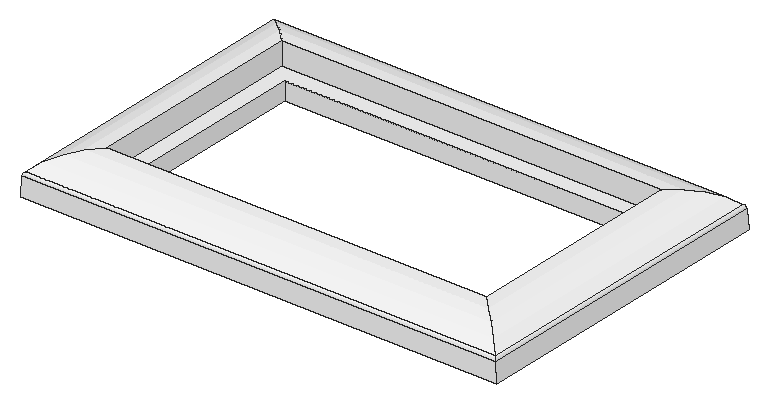
Revit family "Gira_100103", category Electrical Fixtures, host Face, Revit 2017
Family settings
  Host = Face
  Maintain Annotation Orientation = No
  Round Connector Dimension = Use Diameter
  Part Type = Normal
  Cut with Voids When Loaded = No
  Shared = No
  Room Calculation Point = No
Parameters (values of type "Cov.fr. 1.5-g Standard 55 p.white")
  URL = "http://katalog.gira.de/en/datenblatt.html?artikelnr=100103"
  Transparent = "No"
  Name = "Cov.fr. 1.5-g Standard 55 p.white"
  Manufacturer URL = "https://www.gira.de/"
  Manufacturer = "Gira"
  Label space/information surface = "No"
  Keynote = ""
  HeinzeBIM = "https://bimportal.heinze.de/bim/cov-fr-1-5-g-standard-55-p-white/079a29f95bceb96c85ab81afbf6625ff480c6258"
  HAN = "100103"
  GTIN = "4010337881308"
  Description = "Cov.fr.1.5g Std55 PW,Gira Standard 55 cover frame,pure white glossy,1.5-gang,Features:,- Shatter-proof.,,Notes :,- Also suitable for duct installation.,- In connection with the seal kit, frame (1-gang to 5-gang) is also suitable for installation as water-protected flush-mounted IP44."
  Default Elevation = 1219.2 mm
  Data sheet (1) = "https://katalog.gira.de/en/download.html?artikelnr=100103"
  Category = "Cover frame for domestic switching devices"
  BIM (1) = "https://media.stage.bim.site/public/gira/36a6b08/Std55_Rahmen_1,5fach.rfa"
  Available = "No"
Reference planes
  plane 1 "Center (Front/Back)": y = 0
  plane 2: z = 0
  plane 3 "Center (Left/Right)": x = 0
  plane 4: x = -60.5
  plane 5: x = 60.5
  plane 6: y = -40
  plane 7: y = 40
Forms (mm)
  Sweep 1, solid, material "White", detail levels fine
    path origin (0, 0, 0) x (1, 0, 0) y (0, 1, 0)
      loop
        line (60.5, 40) -> (-60.5, 40) -> (-60.5, -40) -> (60.5, -40) -> (60.5, 40)
    profile origin (0, 40, 0) x (0, -1, 0) y (0, 0, 1)
      loop
        arc (12.278, 10.074) -> (6.073, 9.052) -> (0.724, 5.745) r 16.207
        arc (0.724, 5.745) -> (0.387, 5.281) -> (0.248, 4.725) r 1.5
        line (0.248, 4.725) -> (0, 0) -> (16.627, 0) -> (16.627, 4.5) -> (12.327, 4.5) -> (12.278, 10.074)
  Extrusion 2, solid, material "White", detail levels coarse+medium
    sketch origin (0, 0, 0) x (1, 0, 0) y (0, 1, 0)
      loop
        line (-60.5, 40) -> (-60.5, -40) -> (60.5, -40) -> (60.5, 40) -> (-60.5, 40)
    from 0 to 10.074
Dimensions and locks
  aligned and locked: plane 2 to host face
  aligned and locked: level to host face
